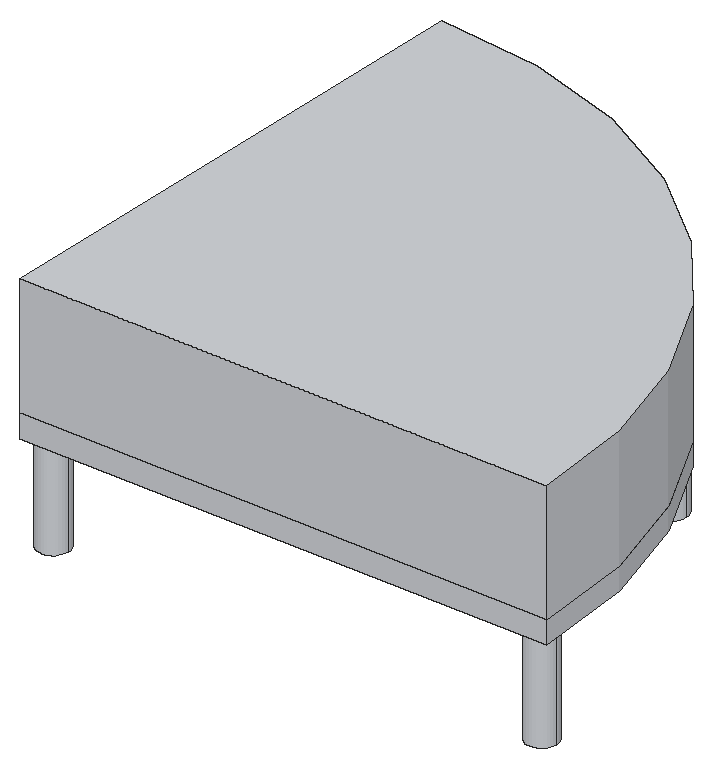
Revit family "Modular_Round Corner Ottoman", category Furniture, Revit 2016
Family settings
  OmniClass Number = 23.40.20.00
  OmniClass Title = General Furniture and Specialties
  Work Plane-Based = No
  Always vertical = Yes
  Cut with Voids When Loaded = No
  Shared = No
  Room Calculation Point = No
Parameters
  frame = none
  fabric = none
Reference planes (in)
  plane 1 "Center Front/Back": y = 0
  plane 2: z = 0
  plane 3 "Center Left/Right": x = 0
  plane 4: z = 8
  plane 5: z = 28
  plane 6: through (0, 0, 48) normal (-0.7071, 0.7071, 0)
  plane 7: z = 16.97722
  plane 8: z = 20.72722
  plane 9: z = 24.52278
Forms (in)
  Extrusion 1, solid, material <- "frame"
    sketch origin (0, 0, 0) x (1, 0, 0) y (0, 1, 0)
      loop
        line (-17.5, -17.5) -> (17.5, -17.5)
        arc (17.5, -17.5) -> (7.24874, 7.24874) -> (-17.5, 17.5) r 35
        line (-17.5, 17.5) -> (-17.5, -17.5)
    from 8 to 6.503
  Extrusion 2, solid, material <- "frame"
    sketch origin (0, 0, 0) x (1, 0, 0) y (0, 1, 0)
      loop
        circle (-16.26256, -16.26256) r 1
    from 0 to 6.503
  Extrusion 3, solid, material <- "frame"
    sketch origin (0, 0, 0) x (1, 0, 0) y (0, 1, 0)
      loop
        circle (-16.2448, 16.38365) r 1
      loop
        circle (6.46052, 6.59937) r 1
      loop
        circle (16.2448, -16.38365) r 1
    from 0 to 8
  Extrusion 4, solid, material <- "fabric"
    sketch origin (0, 0, 0) x (1, 0, 0) y (0, 1, 0)
      loop
        line (-17.5, -17.5) -> (17.5, -17.5)
        arc (17.5, -17.5) -> (7.24874, 7.24874) -> (-17.5, 17.5) r 35
        line (-17.5, 17.5) -> (-17.5, -17.5)
    from 8 to 16
Cuts and joins
  joined: Extrusion 1, Extrusion 2, Extrusion 3
Dimensions and locks (in)
  aligned and locked: level to plane 2
